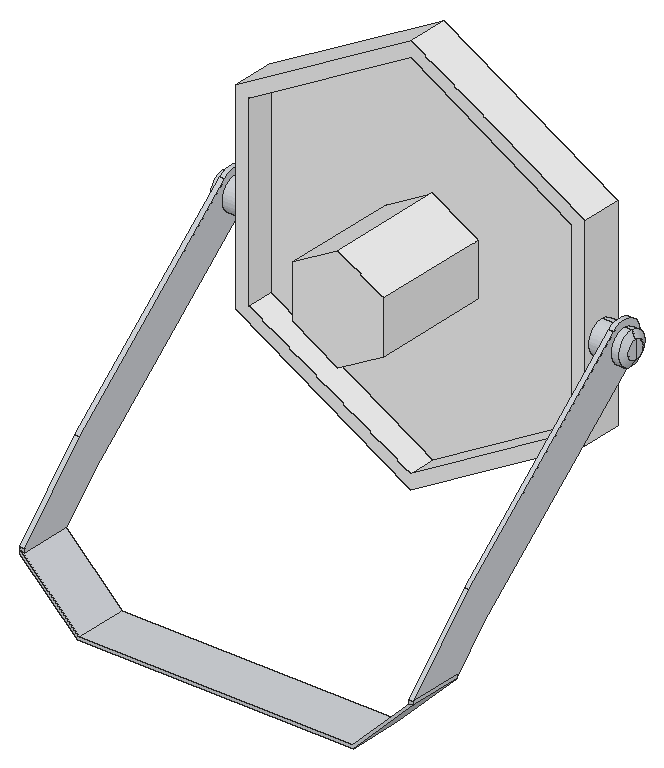
Revit family "Lighting-Proiezione-GEWISS-ESALITE-FL-PROIETTORI-LED_12K_DALI", category Apparecchi per illuminazione, host Superficie, Revit 2019
Family settings
  Host = Superficie
  Quota connettore circolare = Usa diametro
  Tipo di parte = Normale
  Taglio con vuoti quando caricato = No
  Sorgente d'illuminazione = Sì
  Condiviso = No
  Punto di calcolo locali = Sì
Parameters (values of type "GWS6423GD57K - ESALITE 12K 60° 5700K PRO+V GR.DALI")
  staffa = none
  Wattage = 9.2903 W
  Versioni = "Luce fredda 5700K"
  Versione file RFA = "20.11"
  Variazione temperatura colore lampada con luminosità attenuata = (empty or 0)
  VISIBILITA' SIMBOLO [instance] = yes
  VISIBILITA' LAMPADA PIANTA-LATERALE [instance] = not(VISIBILITA' SIMBOLO)  # no
  VISIBILITA' ETICHETTA [instance] = yes
  V = 0 V
  URL = "https://www.gewiss.com/it/it"
  Tipo alimentatore = "Driver Led Dali"
  Tensione = "220/240 V - 50/60 Hz"
  Temperatura di utilizzo = "-30 +50 °C"
  Temperatura di colore: = "5700 K (CRI>80)"
  built-in parameter 1150107 = 3200 (stored number, unit not read)
  Spostamento_y_effettivo_ET [instance] = 4000 mm - Spostamento_y_ET  # 2119.2 mm
  Spostamento_y_ET [instance] = 1880.8 mm
  Spostamento_X_effettivo_ET [instance] = 4000 mm - Spostamento_X_ET  # 3850.612 mm
  Spostamento_X_ET [instance] = 149.388 mm
  Schermo = "Vetro temprato"
  Scheda Tecnica = "https://www.gewiss.com/it/it/search?q=GWS6423GD57K"
  SEO = "Proiettore"
  Resistenza alle sovratensioni : = "8KV in modalità comune; 6KV in modalità differenziale"
  Resistenza agli urti = "IK08"
  Default Elevation = 1219.2 mm
  Produttore = "GEWISS S.p.A."
  Potenza di sitema = "Wxxx"
  Potenza di sistema = "112W"
  Peso (kg): = "9,5"
  built-in parameter 1150110 = 1 (stored number, unit not read)
  built-in parameter 1150109 = 1 (stored number, unit not read)
  built-in parameter 1114218 = 1 (stored number, unit not read)
  built-in parameter 1150112 = 1 (stored number, unit not read)
  Ottica = "60°"
  Numero poli = 1
  built-in parameter 1150142 = "IESNA:LM-63-2002\r\n[TEST] GWS6423GD57K\r\n[TESTLAB] GEWISS\r\n[TESTDATE] 31 Aug 2018\r\n[ISSUEDATE] 31 Aug 2018\r\n[MANUFAC] GEWISS\r\n[LUMCAT] GWS6423GD57K\r\n[LUMINAIRE] ESALITE FL 12K+GLAS 60° GR. DALI LED857\r\n[FLASHAREA] 0.030706\r\n[LAMPCAT] LED 112W/5700K - 11900lm\r\n[LAMP] LED 112W/5700K - 11900lm\r\nTILT=NONE\r\n1 11900.00 1.0 39 19 1 2 -0.402 -0.402 0.000\r\n1.00 1.00 112.00\r\n0.00 1.00 2.00 3.00 4.00 5.00 6.00 7.00 8.00 9.00 10.00 \r\n11.00 12.00 13.00 14.00 15.00 16.00 17.00 18.00 19.00 \r\n20.00 22.50 25.00 27.50 30.00 32.50 35.00 37.50 40.00 \r\n45.00 50.00 55.00 60.00 65.00 70.00 75.00 80.00 85.00 \r\n90.00 \r\n0.00 5.00 10.00 15.00 20.00 25.00 30.00 35.00 40.00 45.00 \r\n50.00 55.00 60.00 65.00 70.00 75.00 80.00 85.00 90.00 \r\n8596.44 8584.90 8553.84 8520.28 8519.09 8572.40 8686.64 \r\n8839.56 9004.25 9194.77 9393.03 9600.33 9798.46 10012.30 \r\n10224.72 10454.03 10698.93 10960.73 11261.33 11572.16 \r\n11840.14 11567.75 9133.25 5549.68 3583.45 2280.16 1374.33 \r\n1230.34 1192.62 1100.94 959.57 883.50 800.81 719.94 \r\n623.25 654.88 466.68 106.83 3.00 \r\n8596.44 8586.33 8555.51 8522.90 8519.81 8574.55 8689.74 \r\n8842.18 9007.35 9200.96 9401.36 9609.61 9806.79 10018.85 \r\n10232.10 10462.12 10710.24 10973.70 11274.42 11586.67 \r\n11855.02 11572.51 9115.76 5523.98 3572.50 2266.24 1364.57 \r\n1221.65 1182.68 1076.38 940.11 876.63 795.69 714.32 \r\n618.86 650.68 469.65 108.32 2.98 \r\n8596.44 8585.61 8555.98 8522.54 8521.35 8575.38 8689.26 \r\n8842.41 9010.20 9200.60 9403.86 9610.92 9809.05 10021.35 \r\n10235.43 10465.69 10713.33 10978.34 11278.11 11592.50 \r\n11863.94 11589.65 9136.46 5542.54 3579.52 2277.78 1366.83 \r\n1223.32 1184.99 1074.76 937.65 876.61 796.34 714.79 \r\n618.17 646.29 473.38 97.67 2.97 \r\n8596.44 8584.18 8556.22 8520.99 8519.09 8572.52 8684.50 \r\n8838.01 9005.33 9197.99 9399.69 9607.23 9804.41 10015.16 \r\n10228.65 10456.41 10705.00 10968.47 11268.47 11583.46 \r\n11856.68 11586.32 9129.08 5539.69 3583.68 2286.82 1373.02 \r\n1229.75 1192.86 1083.85 947.39 883.55 802.67 718.78 \r\n617.66 631.02 450.34 99.53 2.98 \r\n8596.44 8585.49 8557.17 8523.61 8522.18 8576.81 8689.98 \r\n8844.91 9012.82 9206.55 9409.81 9614.49 9811.43 10021.82 \r\n10234.83 10461.89 10709.64 10973.47 11273.23 11592.50 \r\n11870.61 11594.29 9116.95 5531.48 3583.92 2283.25 1366.60 \r\n1224.15 1192.02 1112.28 964.40 890.33 795.11 715.14 \r\n612.78 606.97 394.20 86.57 2.89 \r\n8596.44 8582.99 8553.84 8520.16 8517.07 8571.09 8682.36 \r\n8835.75 9005.21 9198.11 9400.05 9603.90 9800.60 10009.57 \r\n10221.86 10447.13 10693.82 10958.71 11261.21 11583.82 \r\n11864.54 11598.69 9125.16 5545.04 3594.51 2293.13 1374.93 \r\n1231.77 1202.38 1135.33 979.27 897.45 796.87 719.84 \r\n612.12 600.25 382.31 67.96 2.86 \r\n8596.44 8586.09 8556.34 8523.26 8520.04 8573.59 8686.64 \r\n8839.80 9009.85 9203.82 9405.52 9609.96 9806.55 10014.09 \r\n10223.65 10447.37 10694.41 10962.76 11265.97 11588.70 \r\n11870.84 11598.22 9112.43 5538.26 3588.45 2289.20 1371.12 \r\n1228.79 1198.45 1113.08 966.40 892.44 794.10 716.83 \r\n609.18 598.94 388.84 66.84 2.76 \r\n8596.44 8586.92 8558.48 8524.92 8521.23 8575.97 8690.33 \r\n8846.22 9016.99 9212.27 9413.26 9618.77 9813.93 10019.44 \r\n10228.88 10451.29 10699.77 10966.33 11272.99 11596.43 \r\n11878.70 11605.95 9111.83 5541.59 3592.97 2287.42 1370.52 \r\n1229.98 1202.61 1137.40 981.07 895.61 794.99 719.40 \r\n611.41 602.47 388.33 67.20 2.71 \r\n8596.44 8586.09 8555.74 8522.07 8517.54 8573.12 8688.90 \r\n8844.08 9018.77 9212.74 9415.88 9622.22 9816.19 10019.32 \r\n10226.27 10447.49 10695.13 10964.78 11270.13 11597.38 \r\n11884.65 11614.40 9118.49 5548.38 3600.46 2284.20 1366.24 \r\n1226.30 1197.38 1118.22 969.27 891.66 794.77 717.49 \r\n615.42 610.18 403.49 82.20 2.57 \r\n8596.44 8588.83 8558.60 8525.16 8520.76 8575.85 8690.81 \r\n8850.15 9025.56 9220.24 9424.56 9628.89 9821.55 10023.85 \r\n10228.17 10446.65 10694.17 10962.28 11267.75 11593.22 \r\n11878.94 11606.07 9100.29 5533.02 3599.87 2281.71 1362.31 \r\n1223.44 1189.80 1079.54 942.86 875.58 794.34 715.29 \r\n618.37 634.17 444.13 98.32 2.43 \r\n8596.44 8588.71 8560.15 8524.45 8521.11 8576.21 8694.38 \r\n8854.67 9031.15 9230.47 9437.53 9641.38 9834.87 10036.22 \r\n10239.36 10458.20 10706.79 10974.30 11281.32 11609.28 \r\n11895.60 11620.83 9105.17 5535.17 3612.72 2289.80 1368.86 \r\n1230.10 1195.24 1081.04 943.98 878.41 795.44 717.02 \r\n624.32 653.56 473.91 94.84 2.30 \r\n8596.44 8588.71 8557.05 8522.66 8518.26 8574.07 8692.24 \r\n8853.72 9031.98 9234.28 9440.98 9644.47 9838.92 10040.39 \r\n10243.88 10460.34 10707.98 10974.42 11280.96 11608.93 \r\n11895.84 11623.21 9110.76 5542.90 3620.22 2292.18 1368.14 \r\n1229.98 1195.36 1083.36 946.75 879.34 794.94 716.19 \r\n624.19 655.64 469.10 104.90 2.12 \r\n8596.44 8587.40 8557.05 8522.07 8516.12 8571.57 8690.21 \r\n8852.77 9032.93 9234.28 9442.17 9645.66 9839.40 10038.96 \r\n10241.74 10456.05 10700.84 10966.80 11274.18 11605.48 \r\n11894.88 11603.57 9084.10 5520.53 3618.43 2284.20 1363.38 \r\n1226.41 1194.16 1099.88 957.64 876.74 791.79 715.15 \r\n623.82 658.20 460.26 102.68 1.92 \r\n8596.44 8587.52 8558.36 8523.49 8517.78 8576.69 8695.81 \r\n8858.12 9040.55 9242.85 9451.10 9656.61 9849.99 10049.79 \r\n10252.80 10470.69 10715.12 10981.56 11291.20 11626.06 \r\n11917.85 11614.04 9093.98 5526.12 3628.31 2283.49 1361.36 \r\n1225.22 1191.19 1081.48 942.99 873.56 791.49 713.37 \r\n622.82 653.64 469.07 103.88 1.73 \r\n8596.44 8587.52 8557.89 8521.71 8517.31 8574.19 8691.88 \r\n8857.88 9039.36 9242.73 9453.24 9659.11 9852.13 10052.29 \r\n10253.04 10468.67 10712.74 10978.11 11289.29 11623.68 \r\n11917.85 11616.18 9096.00 5522.31 3631.64 2277.78 1353.86 \r\n1219.51 1185.05 1078.00 938.84 871.69 791.10 712.83 \r\n621.51 649.55 476.86 94.48 1.52 \r\n8596.44 8586.09 8557.05 8519.57 8515.05 8571.93 8692.12 \r\n8858.95 9041.14 9246.06 9455.38 9664.11 9857.96 10060.26 \r\n10261.85 10480.21 10724.52 10988.22 11304.88 11642.84 \r\n11936.89 11634.75 9117.07 5538.38 3649.02 2285.28 1351.48 \r\n1217.25 1181.93 1081.26 941.58 872.37 791.78 713.39 \r\n615.88 630.56 445.02 98.43 1.32 \r\n8596.44 8588.11 8557.77 8518.50 8515.28 8572.88 8692.95 \r\n8858.84 9042.10 9245.94 9454.31 9661.97 9854.27 10054.19 \r\n10254.83 10474.86 10721.90 10988.46 11302.62 11636.77 \r\n11927.37 11611.90 9096.48 5523.62 3652.35 2281.35 1345.06 \r\n1214.04 1184.04 1119.22 963.36 886.59 789.23 716.12 \r\n612.50 603.84 418.36 81.90 1.16 \r\n8596.44 8590.02 8559.55 8520.64 8518.02 8576.21 8694.14 \r\n8862.52 9045.07 9251.77 9459.67 9668.27 9859.39 10059.55 \r\n10261.73 10481.28 10726.78 10995.01 11308.57 11645.46 \r\n11935.70 11623.56 9108.62 5529.69 3658.06 2284.20 1346.72 \r\n1216.66 1188.70 1140.06 978.16 892.36 788.91 718.82 \r\n612.92 598.20 405.53 67.62 1.05 \r\n8596.44 8588.59 8558.48 8517.90 8515.16 8571.33 8691.64 \r\n8859.19 9043.76 9249.39 9457.64 9665.89 9855.70 10056.09 \r\n10257.80 10477.83 10724.04 10989.89 11304.17 11642.01 \r\n11933.32 11623.80 9126.59 5545.04 3665.44 2289.32 1352.67 \r\n1222.25 1193.57 1118.06 971.75 892.52 793.14 719.41 \r\n610.08 591.55 377.91 68.45 1.02 \r\n"
  Modello = "GWS6423GD57K"
  built-in parameter 1150137 = (empty or 0)
  built-in parameter 1150132 = (empty or 0)
  Lumen output (lm) = "11900"
  Life time L90B10 (Tq 50Â°C) = "61000H"
  Life time L90B10 (Tq 25Â°C) = "100000H"
  Lampada: = "LED - Non sostituibile"
  built-in parameter 1150105 = 109.82 (stored number, unit not read)
  built-in parameter 1150102 = (empty or 0)
  Type Image = ESALITE_FL.jpg
  built-in parameter 1150106 = 1.0982 (stored number, unit not read)
  IFC.TypeObject = ""
  IFC.ExportType = ""
  IFC.ExportAs = ""
  IDT = "72afa88b942d42eeaee12b3424212cd3"
  IDF = "e13220cc-8358-47d6-aa53-566768812b77"
  Grado di protezione = "IP66"
  Garanzia = "5 anni"
  Flusso nominale (lm) = "15000"
  Lumens = 1380 lm
  Color Filter = 16777215
  File diagramma fotometrico = "GWS6423GD57K.IES"
  built-in parameter 1114217 = 1 (stored number, unit not read)
  built-in parameter 1150139 = (empty or 0)
  Emetti da lunghezza linea = 20 mm
  built-in parameter 1150104 = 13.8 (stored number, unit not read)
  built-in parameter 1150115 = 1 (stored number, unit not read)
  built-in parameter 1150114 = 1 (stored number, unit not read)
  built-in parameter 1150113 = 1 (stored number, unit not read)
  Descrizione = "ESALITE 12K 60° 5700K PRO+V GR.DALI"
  Creato da GEWISS S.p.A. = ""
  Corrente di pilotaggio. = "0,7A"
  built-in parameter 1150134 = 3
  built-in parameter 1150138 = (empty or 0)
  Colore = "Grigio RAL 9006"
  Codice Electrocod = "2444"
  Classe isolamento = "I"
  Classe di efficienza LED integrati = "A ÷ A++"
  Catalogo Serie = "ESALITE FL - 12K"
  Catalogo = "LIGHTING"
  COBie.Tagnumber = ""
  COBie.CreatedOn = ""
  COBie.CreatebBy = ""
  COBie.ComponentRegisterItemID = ""
  COBie.Component.TagNumber = ""
  COBie.Component.Space = ""
  COBie.Component.SerialNumber = ""
  COBie.Component.InstallationDate = ""
  COBie.Component.Description = ""
  COBie.Component.BarCode = ""
  Applicazione = "Interno / Esterno"
  Tilt Angle = -90.00°
  built-in parameter 1150133 = 10 (stored number, unit not read)
Reference planes
  plane 1 "Centro (Fronte/Retro)": y = 0
  plane 2: z = 0
  plane 3 "Centro (Sinistra/Destra)": x = 0
  plane 4: z = 123
  plane 5: x = 0
  plane 6: x = -3850.612
  plane 7: y = -2119.2
  plane 8: y = 0
  plane 9: through (-1779.2, -702.001, 1219.2) normal (0.4695, 0.8829, 0)
  plane 10: through (203.705, -1575.119, 1219.2) normal (-0.866, 0.5, 0)
  plane 11: x = -235.613
  plane 12: x = 230.804
  plane 13: y = 188.046
  plane 14: y = -188.046
  plane 15: x = -287.654
  plane 16: z = 285.229
Forms (mm)
  Extrusion 1, solid, material <- "staffa"
    sketch origin (80, 0, 0) x (0, 1, 0) y (0, 0, -1)
      loop
        arc (165.701, -304.396) -> (196.85, -301.627) -> (194.11, -270.474) r 22.123
        line (194.11, -270.474) -> (-9.063, -99.991) -> (-47.067, -61.307) -> (-104.022, -61.307) -> (-104.022, -64.763) -> (-29.601, -140.518) -> (165.701, -304.396)
    from 287.654 to 292.463
  Revolve 2, solid, material <- "staffa"
    sketch origin (80, 179.315, 13.188) x (1, 0, 0) y (0, 0, 1)
      loop
        line (-304.219, 272.041) -> (-304.219, 262.041) -> (-299.896, 254.554) -> (-266.552, 254.554) -> (-266.552, 272.041) -> (-304.219, 272.041)
      axis (-304.219, 272.041) -> (-266.552, 272.041)
    angle from 0 to 360
  Revolve 3, solid, material <- "staffa"
    sketch origin (-78.734, 179.315, 13.188) x (-1, 0, 0) y (0, 0, -1)
      loop
        line (-304.219, -272.041) -> (-266.552, -272.041) -> (-266.552, -254.554) -> (-299.896, -254.554) -> (-304.219, -262.041) -> (-304.219, -272.041)
      axis (-304.219, -272.041) -> (-266.552, -272.041)
    angle from 0 to 360
  Extrusion 4, solid, material <- "staffa"
    sketch origin (-80, 0, 0) x (0, 1, 0) y (0, 0, 1)
      loop
        line (165.701, 304.396) -> (-29.601, 140.518) -> (-104.022, 64.763) -> (-104.022, 61.307) -> (-47.067, 61.307) -> (-9.063, 99.991) -> (194.11, 270.474)
        arc (194.11, 270.474) -> (196.85, 301.627) -> (165.701, 304.396) r 22.123
    from 287.654 to 292.463
  Extrusion 5, solid
    sketch origin (0, 0, 0) x (1, 0, 0) y (0, 0, 1)
      loop
        line (-150.553, -3) -> (148.156, -3) -> (212.463, 61.307) -> (212.463, 65.549) -> (146.914, 0) -> (-149.311, 0) -> (-212.463, 63.152) -> (-212.463, 58.91) -> (-150.553, -3)
    from 45.983 to 104.022
Lines and regions (mm)
  symbolic lines, visible <- "VISIBILITA' LAMPADA PIANTA-LATERALE"
    curve 1: line (1.859, 0, 405.824) -> (75.258, 0, 363.447)
    curve 2: arc (75.258, 0, 363.447) -> (77.755, 0, 362.778) -> (80.252, 0, 363.447) r 4.994
    curve 3: line (80.252, 0, 363.447) -> (146.454, 0, 401.669)
    curve 4: arc (146.454, 0, 401.669) -> (150.173, 0, 408.157) -> (146.427, 0, 414.629) r 7.492
    curve 5: line (146.427, 0, 414.629) -> (10.581, 0, 493.06)
    curve 6: arc (10.581, 0, 493.06) -> (3.09, 0, 493.06) -> (-0.656, 0, 486.572) r 7.492
    curve 7: line (-0.656, 0, 486.572) -> (-0.656, 0, 410.16)
    curve 8: arc (-0.656, 0, 410.16) -> (0.018, 0, 407.654) -> (1.859, 0, 405.824) r 4.994
    curve 9: line (-6.167, 0, 405.824) -> (-79.566, 0, 363.447)
    curve 10: arc (-79.566, 0, 363.447) -> (-82.063, 0, 362.778) -> (-84.561, 0, 363.447) r 4.994
    curve 11: line (-84.561, 0, 363.447) -> (-150.762, 0, 401.669)
    curve 12: arc (-150.762, 0, 401.669) -> (-154.481, 0, 408.157) -> (-150.735, 0, 414.629) r 7.492
    curve 13: line (-150.735, 0, 414.629) -> (-14.89, 0, 493.06)
    curve 14: arc (-14.89, 0, 493.06) -> (-7.398, 0, 493.06) -> (-3.652, 0, 486.572) r 7.492
    curve 15: line (-3.652, 0, 486.572) -> (-3.652, 0, 410.16)
    curve 16: arc (-3.652, 0, 410.16) -> (-4.327, 0, 407.654) -> (-6.167, 0, 405.824) r 4.994
    curve 17: line (-83.562, 0, 271.753) -> (-83.562, 0, 356.527)
    curve 18: arc (-83.562, 0, 356.527) -> (-84.226, 0, 359.015) -> (-86.041, 0, 360.842) r 4.994
    curve 19: line (-86.041, 0, 360.842) -> (-152.207, 0, 399.043)
    curve 20: arc (-152.207, 0, 399.043) -> (-159.712, 0, 399.066) -> (-163.471, 0, 392.571) r 7.491
    curve 21: line (-163.471, 0, 392.571) -> (-163.471, 0, 235.709)
    curve 22: arc (-163.471, 0, 235.709) -> (-159.712, 0, 229.214) -> (-152.207, 0, 229.237) r 7.491
    curve 23: line (-152.207, 0, 229.237) -> (-86.041, 0, 267.438)
    curve 24: arc (-86.041, 0, 267.438) -> (-84.226, 0, 269.265) -> (-83.562, 0, 271.753) r 4.994
    curve 25: line (-79.566, 0, 264.833) -> (-6.132, 0, 222.435)
    curve 26: arc (-6.132, 0, 222.435) -> (-4.316, 0, 220.608) -> (-3.652, 0, 218.12) r 4.994
    curve 27: line (-3.652, 0, 218.12) -> (-3.652, 0, 141.708)
    curve 28: arc (-3.652, 0, 141.708) -> (-7.398, 0, 135.22) -> (-14.89, 0, 135.22) r 7.492
    curve 29: line (-14.89, 0, 135.22) -> (-150.735, 0, 213.651)
    curve 30: arc (-150.735, 0, 213.651) -> (-154.481, 0, 220.154) -> (-150.709, 0, 226.642) r 7.492
    curve 31: line (-150.709, 0, 226.642) -> (-84.561, 0, 264.833)
    curve 32: arc (-84.561, 0, 264.833) -> (-82.063, 0, 265.502) -> (-79.566, 0, 264.833) r 4.994
    curve 33: line (77.169, 0, 264.833) -> (3.735, 0, 222.435)
    curve 34: arc (3.735, 0, 222.435) -> (1.919, 0, 220.608) -> (1.255, 0, 218.12) r 4.994
    curve 35: line (1.255, 0, 218.12) -> (1.255, 0, 141.708)
    curve 36: arc (1.255, 0, 141.708) -> (5.001, 0, 135.22) -> (12.493, 0, 135.22) r 7.492
    curve 37: line (12.493, 0, 135.22) -> (148.338, 0, 213.651)
    curve 38: arc (148.338, 0, 213.651) -> (152.084, 0, 220.154) -> (148.312, 0, 226.642) r 7.492
    curve 39: line (148.312, 0, 226.642) -> (82.163, 0, 264.833)
    curve 40: arc (82.163, 0, 264.833) -> (79.666, 0, 265.502) -> (77.169, 0, 264.833) r 4.994
    curve 41: line (79.254, 0, 271.753) -> (79.254, 0, 356.527)
    curve 42: arc (79.254, 0, 356.527) -> (79.917, 0, 359.015) -> (81.733, 0, 360.842) r 4.994
    curve 43: line (81.733, 0, 360.842) -> (147.899, 0, 399.043)
    curve 44: arc (147.899, 0, 399.043) -> (155.404, 0, 399.066) -> (159.163, 0, 392.571) r 7.491
    curve 45: line (159.163, 0, 392.571) -> (159.163, 0, 235.709)
    curve 46: arc (159.163, 0, 235.709) -> (155.404, 0, 229.214) -> (147.899, 0, 229.237) r 7.491
    curve 47: line (147.899, 0, 229.237) -> (81.733, 0, 267.438)
    curve 48: arc (81.733, 0, 267.438) -> (79.917, 0, 269.265) -> (79.254, 0, 271.753) r 4.994
    curve 49: line (-3.412, 0, 514.681) -> (-175.208, 0, 415.494)
    curve 50: arc (-175.208, 0, 415.494) -> (-176.122, 0, 414.58) -> (-176.456, 0, 413.332) r 2.497
    curve 51: line (-176.456, 0, 413.332) -> (-176.456, 0, 214.948)
    curve 52: arc (-176.456, 0, 214.948) -> (-176.122, 0, 213.7) -> (-175.208, 0, 212.786) r 2.497
    curve 53: line (-175.208, 0, 212.786) -> (-3.412, 0, 113.599)
    curve 54: arc (-3.412, 0, 113.599) -> (-2.154, 0, 113.259) -> (-0.897, 0, 113.599) r 2.497
    curve 55: line (-0.897, 0, 113.599) -> (170.899, 0, 212.786)
    curve 56: arc (170.899, 0, 212.786) -> (171.814, 0, 213.7) -> (172.148, 0, 214.948) r 2.497
    curve 57: line (172.148, 0, 214.948) -> (172.148, 0, 413.332)
    curve 58: arc (172.148, 0, 413.332) -> (171.814, 0, 414.58) -> (170.899, 0, 415.494) r 2.497
    curve 59: line (170.899, 0, 415.494) -> (-0.897, 0, 514.681)
    curve 60: arc (-0.897, 0, 514.681) -> (-2.154, 0, 515.02) -> (-3.412, 0, 514.681) r 2.497
    curve 61: line (-2.654, 0, 530.769) -> (-189.52, 0, 422.882)
    curve 62: arc (-189.52, 0, 422.882) -> (-189.879, 0, 422.517) -> (-190.01, 0, 422.022) r 0.999
    curve 63: line (-190.01, 0, 422.022) -> (-190.01, 0, 206.258)
    curve 64: arc (-190.01, 0, 206.258) -> (-189.879, 0, 205.763) -> (-189.52, 0, 205.398) r 0.999
    curve 65: line (-189.52, 0, 205.398) -> (-2.654, 0, 97.51)
    curve 66: arc (-2.654, 0, 97.51) -> (-2.154, 0, 97.377) -> (-1.655, 0, 97.51) r 0.999
    curve 67: line (-1.655, 0, 97.51) -> (185.212, 0, 205.398)
    curve 68: arc (185.212, 0, 205.398) -> (185.571, 0, 205.763) -> (185.702, 0, 206.258) r 0.999
    curve 69: line (185.702, 0, 206.258) -> (185.702, 0, 422.022)
    curve 70: arc (185.702, 0, 422.022) -> (185.566, 0, 422.526) -> (185.194, 0, 422.892) r 0.999
    curve 71: line (185.194, 0, 422.892) -> (-1.655, 0, 530.769)
    curve 72: arc (-1.655, 0, 530.769) -> (-2.154, 0, 530.903) -> (-2.654, 0, 530.769) r 0.999
    curve 73: line (-191.939, 0, 278.93) -> (-214.413, 0, 278.93)
    curve 74: line (-214.413, 0, 278.93) -> (-214.413, 0, 314.39)
    curve 75: line (-214.413, 0, 314.39) -> (-191.939, 0, 314.39)
    curve 76: line (-191.939, 0, 314.39) -> (-191.939, 0, 278.93)
    curve 77: line (215.013, 0, 278.93) -> (222.733, 0, 278.93)
    curve 78: line (222.733, 0, 278.93) -> (226.799, 0, 285.972)
    curve 79: line (226.799, 0, 285.972) -> (226.799, 0, 307.336)
    curve 80: line (226.799, 0, 307.336) -> (222.583, 0, 314.639)
    curve 81: line (222.583, 0, 314.639) -> (215.013, 0, 314.639)
    curve 82: line (215.013, 0, 314.639) -> (215.013, 0, 63.856)
    curve 83: line (215.013, 0, 63.856) -> (148.156, 0, -3)
    curve 84: line (148.156, 0, -3) -> (-150.553, 0, -3)
    curve 85: line (-150.553, 0, -3) -> (-217.41, 0, 63.856)
    curve 86: line (-217.41, 0, 63.856) -> (-217.41, 0, 314.639)
    curve 87: line (-217.41, 0, 314.639) -> (-224.98, 0, 314.639)
    curve 88: line (-224.98, 0, 314.639) -> (-229.196, 0, 307.336)
    curve 89: line (-229.196, 0, 307.336) -> (-229.196, 0, 285.972)
    curve 90: line (-229.196, 0, 285.972) -> (-225.131, 0, 278.93)
    curve 91: line (-225.131, 0, 278.93) -> (-217.41, 0, 278.93)
    curve 92: line (-214.41, 0, 314.639) -> (-214.41, 0, 65.099)
    curve 93: line (-214.41, 0, 65.099) -> (-149.311, 0, 0)
    curve 94: line (-149.311, 0, 0) -> (146.914, 0, 0)
    curve 95: line (146.914, 0, 0) -> (212.013, 0, 65.099)
    curve 96: line (212.013, 0, 65.099) -> (212.013, 0, 314.639)
    curve 97: line (189.541, 0, 278.93) -> (212.016, 0, 278.93)
    curve 98: line (212.016, 0, 278.93) -> (212.016, 0, 314.39)
    curve 99: line (212.016, 0, 314.39) -> (189.541, 0, 314.39)
    curve 100: line (189.541, 0, 314.39) -> (189.541, 0, 278.93)
  symbolic lines, visible <- "VISIBILITA' LAMPADA PIANTA-LATERALE", not visible
    curve 101: line (1041.859, 0, 531.824) -> (1115.258, 0, 489.447)
    curve 102: arc (1115.258, 0, 489.447) -> (1117.755, 0, 488.778) -> (1120.252, 0, 489.447) r 4.994
    curve 103: line (1120.252, 0, 489.447) -> (1186.454, 0, 527.669)
    curve 104: arc (1186.454, 0, 527.669) -> (1190.173, 0, 534.157) -> (1186.427, 0, 540.629) r 7.492
    curve 105: line (1186.427, 0, 540.629) -> (1050.581, 0, 619.06)
    curve 106: arc (1050.581, 0, 619.06) -> (1043.09, 0, 619.06) -> (1039.344, 0, 612.572) r 7.492
    curve 107: line (1039.344, 0, 612.572) -> (1039.344, 0, 536.16)
    curve 108: arc (1039.344, 0, 536.16) -> (1040.018, 0, 533.654) -> (1041.859, 0, 531.824) r 4.994
    curve 109: line (1033.833, 0, 531.824) -> (960.434, 0, 489.447)
    curve 110: arc (960.434, 0, 489.447) -> (957.937, 0, 488.778) -> (955.439, 0, 489.447) r 4.994
    curve 111: line (955.439, 0, 489.447) -> (889.238, 0, 527.669)
    curve 112: arc (889.238, 0, 527.669) -> (885.519, 0, 534.157) -> (889.265, 0, 540.629) r 7.492
    curve 113: line (889.265, 0, 540.629) -> (1025.11, 0, 619.06)
    curve 114: arc (1025.11, 0, 619.06) -> (1032.602, 0, 619.06) -> (1036.348, 0, 612.572) r 7.492
    curve 115: line (1036.348, 0, 612.572) -> (1036.348, 0, 536.16)
    curve 116: arc (1036.348, 0, 536.16) -> (1035.673, 0, 533.654) -> (1033.833, 0, 531.824) r 4.994
    curve 117: line (956.438, 0, 397.753) -> (956.438, 0, 482.527)
    curve 118: arc (956.438, 0, 482.527) -> (955.774, 0, 485.015) -> (953.959, 0, 486.842) r 4.994
    curve 119: line (953.959, 0, 486.842) -> (887.793, 0, 525.043)
    curve 120: arc (887.793, 0, 525.043) -> (880.288, 0, 525.066) -> (876.529, 0, 518.571) r 7.491
    curve 121: line (876.529, 0, 518.571) -> (876.529, 0, 361.709)
    curve 122: arc (876.529, 0, 361.709) -> (880.288, 0, 355.214) -> (887.793, 0, 355.237) r 7.491
    curve 123: line (887.793, 0, 355.237) -> (953.959, 0, 393.438)
    curve 124: arc (953.959, 0, 393.438) -> (955.774, 0, 395.265) -> (956.438, 0, 397.753) r 4.994
    curve 125: line (960.434, 0, 390.833) -> (1033.868, 0, 348.435)
    curve 126: arc (1033.868, 0, 348.435) -> (1035.684, 0, 346.608) -> (1036.348, 0, 344.12) r 4.994
    curve 127: line (1036.348, 0, 344.12) -> (1036.348, 0, 267.708)
    curve 128: arc (1036.348, 0, 267.708) -> (1032.602, 0, 261.22) -> (1025.11, 0, 261.22) r 7.492
    curve 129: line (1025.11, 0, 261.22) -> (889.265, 0, 339.651)
    curve 130: arc (889.265, 0, 339.651) -> (885.519, 0, 346.154) -> (889.291, 0, 352.642) r 7.492
    curve 131: line (889.291, 0, 352.642) -> (955.439, 0, 390.833)
    curve 132: arc (955.439, 0, 390.833) -> (957.937, 0, 391.502) -> (960.434, 0, 390.833) r 4.994
    curve 133: line (1117.169, 0, 390.833) -> (1043.735, 0, 348.435)
    curve 134: arc (1043.735, 0, 348.435) -> (1041.919, 0, 346.608) -> (1041.255, 0, 344.12) r 4.994
    curve 135: line (1041.255, 0, 344.12) -> (1041.255, 0, 267.708)
    curve 136: arc (1041.255, 0, 267.708) -> (1045.001, 0, 261.22) -> (1052.493, 0, 261.22) r 7.492
    curve 137: line (1052.493, 0, 261.22) -> (1188.338, 0, 339.651)
    curve 138: arc (1188.338, 0, 339.651) -> (1192.084, 0, 346.154) -> (1188.312, 0, 352.642) r 7.492
    curve 139: line (1188.312, 0, 352.642) -> (1122.163, 0, 390.833)
    curve 140: arc (1122.163, 0, 390.833) -> (1119.666, 0, 391.502) -> (1117.169, 0, 390.833) r 4.994
    curve 141: line (1119.254, 0, 397.753) -> (1119.254, 0, 482.527)
    curve 142: arc (1119.254, 0, 482.527) -> (1119.917, 0, 485.015) -> (1121.733, 0, 486.842) r 4.994
    curve 143: line (1121.733, 0, 486.842) -> (1187.899, 0, 525.043)
    curve 144: arc (1187.899, 0, 525.043) -> (1195.404, 0, 525.066) -> (1199.163, 0, 518.571) r 7.491
    curve 145: line (1199.163, 0, 518.571) -> (1199.163, 0, 361.709)
    curve 146: arc (1199.163, 0, 361.709) -> (1195.404, 0, 355.214) -> (1187.899, 0, 355.237) r 7.491
    curve 147: line (1187.899, 0, 355.237) -> (1121.733, 0, 393.438)
    curve 148: arc (1121.733, 0, 393.438) -> (1119.917, 0, 395.265) -> (1119.254, 0, 397.753) r 4.994
    curve 149: line (1036.588, 0, 640.681) -> (864.792, 0, 541.494)
    curve 150: arc (864.792, 0, 541.494) -> (863.878, 0, 540.58) -> (863.544, 0, 539.332) r 2.497
    curve 151: line (863.544, 0, 539.332) -> (863.544, 0, 340.948)
    curve 152: arc (863.544, 0, 340.948) -> (863.878, 0, 339.7) -> (864.792, 0, 338.786) r 2.497
    curve 153: line (864.792, 0, 338.786) -> (1036.588, 0, 239.599)
    curve 154: arc (1036.588, 0, 239.599) -> (1037.846, 0, 239.259) -> (1039.103, 0, 239.599) r 2.497
    curve 155: line (1039.103, 0, 239.599) -> (1210.899, 0, 338.786)
    curve 156: arc (1210.899, 0, 338.786) -> (1211.814, 0, 339.7) -> (1212.148, 0, 340.948) r 2.497
    curve 157: line (1212.148, 0, 340.948) -> (1212.148, 0, 539.332)
    curve 158: arc (1212.148, 0, 539.332) -> (1211.814, 0, 540.58) -> (1210.899, 0, 541.494) r 2.497
    curve 159: line (1210.899, 0, 541.494) -> (1039.103, 0, 640.681)
    curve 160: arc (1039.103, 0, 640.681) -> (1037.846, 0, 641.02) -> (1036.588, 0, 640.681) r 2.497
    curve 161: line (1037.346, 0, 656.769) -> (850.48, 0, 548.882)
    curve 162: arc (850.48, 0, 548.882) -> (850.121, 0, 548.517) -> (849.99, 0, 548.022) r 0.999
    curve 163: line (849.99, 0, 548.022) -> (849.99, 0, 332.258)
    curve 164: arc (849.99, 0, 332.258) -> (850.121, 0, 331.763) -> (850.48, 0, 331.398) r 0.999
    curve 165: line (850.48, 0, 331.398) -> (1037.346, 0, 223.51)
    curve 166: arc (1037.346, 0, 223.51) -> (1037.846, 0, 223.377) -> (1038.345, 0, 223.51) r 0.999
    curve 167: line (1038.345, 0, 223.51) -> (1225.212, 0, 331.398)
    curve 168: arc (1225.212, 0, 331.398) -> (1225.571, 0, 331.763) -> (1225.702, 0, 332.258) r 0.999
    curve 169: line (1225.702, 0, 332.258) -> (1225.702, 0, 548.022)
    curve 170: arc (1225.702, 0, 548.022) -> (1225.566, 0, 548.526) -> (1225.194, 0, 548.892) r 0.999
    curve 171: line (1225.194, 0, 548.892) -> (1038.345, 0, 656.769)
    curve 172: arc (1038.345, 0, 656.769) -> (1037.846, 0, 656.903) -> (1037.346, 0, 656.769) r 0.999
    curve 173: line (848.061, 0, 404.93) -> (825.587, 0, 404.93)
    curve 174: line (825.587, 0, 404.93) -> (825.587, 0, 440.39)
    curve 175: line (825.587, 0, 440.39) -> (848.061, 0, 440.39)
    curve 176: line (848.061, 0, 440.39) -> (848.061, 0, 404.93)
    curve 177: line (1255.013, 0, 404.93) -> (1262.733, 0, 404.93)
    curve 178: line (1262.733, 0, 404.93) -> (1266.799, 0, 411.972)
    curve 179: line (1266.799, 0, 411.972) -> (1266.799, 0, 433.336)
    curve 180: line (1266.799, 0, 433.336) -> (1262.583, 0, 440.639)
    curve 181: line (1262.583, 0, 440.639) -> (1255.013, 0, 440.639)
    curve 182: line (1255.013, 0, 440.639) -> (1255.013, 0, 189.856)
    curve 183: line (1255.013, 0, 189.856) -> (1188.156, 0, 123)
    curve 184: line (1188.156, 0, 123) -> (889.447, 0, 123)
    curve 185: line (889.447, 0, 123) -> (822.59, 0, 189.856)
    curve 186: line (822.59, 0, 189.856) -> (822.59, 0, 440.639)
    curve 187: line (822.59, 0, 440.639) -> (815.02, 0, 440.639)
    curve 188: line (815.02, 0, 440.639) -> (810.804, 0, 433.336)
    curve 189: line (810.804, 0, 433.336) -> (810.804, 0, 411.972)
    curve 190: line (810.804, 0, 411.972) -> (814.869, 0, 404.93)
    curve 191: line (814.869, 0, 404.93) -> (822.59, 0, 404.93)
    curve 192: line (825.59, 0, 440.639) -> (825.59, 0, 191.099)
    curve 193: line (825.59, 0, 191.099) -> (890.689, 0, 126)
    curve 194: line (890.689, 0, 126) -> (1186.914, 0, 126)
    curve 195: line (1186.914, 0, 126) -> (1252.013, 0, 191.099)
    curve 196: line (1252.013, 0, 191.099) -> (1252.013, 0, 440.639)
    curve 197: line (1229.541, 0, 404.93) -> (1252.016, 0, 404.93)
    curve 198: line (1252.016, 0, 404.93) -> (1252.016, 0, 440.39)
    curve 199: line (1252.016, 0, 440.39) -> (1229.541, 0, 440.39)
    curve 200: line (1229.541, 0, 440.39) -> (1229.541, 0, 404.93)
Text (mm)
  text "B-A=C" at (-2005.323, -1167.131, 0), in view "Livello rif."
  text "D+A-C=B" at (1746.792, 582.509, 0), in view "Livello rif."
Dimensions and locks
  "Spostamento_X_effettivo_ET": plane 6 to plane 5
  plane 6 to plane 3 "Centro (Sinistra/Destra)" = 3850.612 mm
  "Spostamento_y_effettivo_ET": plane 8 to plane 7
  plane 1 "Centro (Fronte/Retro)" to plane 7 = 2119.2 mm
  plane 11 to plane 12 = 466.417 mm
  plane 13 to plane 14 = 376.092 mm
  plane 12 to plane 5 to plane 11 = 230.804 mm, 235.613 mm
  angle plane 9 to plane 7 = 28.00°
  angle plane 7 to plane 6 = 90.00°
  aligned and locked: plane 2 to host face
  aligned and locked: level to host face
  aligned and locked: plane 3 "Centro (Sinistra/Destra)" to imposter light
  aligned and locked: plane 5 to nested 1
  aligned and locked: nested 1 to plane 8
  aligned and locked: nested 2 to plane 3 "Centro (Sinistra/Destra)"
  aligned and locked: curve 94 to level
  aligned and locked: plane 16 to nested 5
  aligned and locked: plane 8 to nested 5
  aligned and locked: nested 6 to plane 2
  aligned and locked: nested 6 to nested 2
Automatic sketch dimensions
  host sketch curve to host sketch curve = 2438.4 mm  (x2)
  plane 1 "Centro (Fronte/Retro)" to Extrusion 1 sketch curve = 29.601 mm
  plane 1 "Centro (Fronte/Retro)" to Extrusion 1 sketch curve = 9.063 mm
  Extrusion 1 sketch curve to plane 13 = 22.346 mm
  Extrusion 1 sketch curve to plane 16 = 2.193 mm
  Extrusion 1 sketch curve to plane 13 = 8.156 mm
  Extrusion 1 sketch curve to plane 16 = 19.167 mm
  Extrusion 1 sketch curve to plane 4 = 17.518 mm
  plane 4 to Extrusion 1 sketch curve = 23.009 mm
  plane 13 to Extrusion 1 sketch curve = 6.064 mm
  Extrusion 1 sketch curve to Extrusion 1 sketch curve = 0 mm  (x2)
  Revolve 2 sketch curve to plane 16 = 0 mm  (x2)
  plane 11 to Revolve 2 sketch curve = 11.394 mm
  Revolve 2 sketch curve to Revolve 2 sketch curve = 4.323 mm
  Revolve 2 sketch curve to Revolve 2 sketch curve = 33.345 mm
  plane 16 to Revolve 2 sketch curve = 10 mm
  plane 16 to Revolve 2 sketch curve = 17.487 mm
  Revolve 2 sketch curve to Revolve 2 sketch curve = 0 mm  (x2)
  Revolve 3 sketch curve to plane 16 = 0 mm  (x2)
  Revolve 3 sketch curve to plane 12 = 5.319 mm
  Revolve 3 sketch curve to Revolve 3 sketch curve = 4.323 mm
  Revolve 3 sketch curve to Revolve 3 sketch curve = 33.345 mm
  plane 16 to Revolve 3 sketch curve = 10 mm
  Revolve 3 sketch curve to Revolve 3 sketch curve = 7.487 mm
  Revolve 3 sketch curve to Revolve 3 sketch curve = 0 mm  (x2)
  plane 1 "Centro (Fronte/Retro)" to Extrusion 4 sketch curve = 29.601 mm
  plane 1 "Centro (Fronte/Retro)" to Extrusion 4 sketch curve = 9.063 mm
  Extrusion 4 sketch curve to plane 13 = 22.346 mm
  Extrusion 4 sketch curve to plane 16 = 2.193 mm
  Extrusion 4 sketch curve to plane 13 = 8.156 mm
  plane 4 to Extrusion 4 sketch curve = 23.009 mm
  Extrusion 4 sketch curve to plane 4 = 17.518 mm
  Extrusion 4 sketch curve to plane 16 = 19.167 mm
  plane 13 to Extrusion 4 sketch curve = 6.064 mm
  Extrusion 4 sketch curve to Extrusion 4 sketch curve = 0 mm  (x2)
  Extrusion 5 sketch curve to level = 0 mm
  Extrusion 5 sketch curve to level = 3 mm
  Extrusion 5 sketch curve to Extrusion 5 sketch curve = 1.243 mm  (x2)
  Extrusion 5 sketch curve to Extrusion 5 sketch curve = 4.243 mm  (x2)
  plane 11 to Extrusion 5 sketch curve = 23.15 mm
  plane 11 to Extrusion 5 sketch curve = 85.06 mm
  level to Extrusion 5 sketch curve = 58.91 mm
  Extrusion 5 sketch curve to plane 12 = 83.89 mm
  Extrusion 5 sketch curve to plane 12 = 18.341 mm
  level to Extrusion 5 sketch curve = 61.307 mm
  plane 1 "Centro (Fronte/Retro)" to Extrusion 4 sketch curve = 47.067 mm
  Extrusion 4 sketch curve to Extrusion 4 sketch curve = 38.685 mm
  Extrusion 4 sketch curve to Extrusion 4 sketch curve = 3.456 mm
  Extrusion 4 sketch curve to Extrusion 4 sketch curve = 56.956 mm
  plane 1 "Centro (Fronte/Retro)" to Extrusion 1 sketch curve = 47.067 mm
  Extrusion 1 sketch curve to Extrusion 1 sketch curve = 3.456 mm
  Extrusion 1 sketch curve to Extrusion 1 sketch curve = 56.956 mm
  plane 4 to Extrusion 1 sketch curve = 58.237 mm
  curve 89 to curve 91 = 4.066 mm
  curve 88 to curve 88 = 4.216 mm
  curve 90 to curve 86 = 7.721 mm
  curve 86 to curve 74 = 2.997 mm
  curve 86 to curve 93 = 3 mm
  curve 92 to curve 76 = 22.471 mm
  curve 75 to curve 63 = 1.928 mm
  curve 62 to curve 61 = 0.491 mm
  curve 63 to curve 65 = 0.491 mm
  curve 62 to curve 62 = 0.999 mm
  curve 64 to curve 64 = 0.508 mm
  curve 62 to curve 51 = 12.555 mm
  curve 52 to curve 53 = 1.249 mm
  curve 50 to curve 49 = 1.249 mm
  curve 49 to curve 50 = 1.249 mm
  curve 53 to curve 52 = 1.249 mm
  curve 50 to curve 21 = 10.488 mm
  curve 20 to curve 20 = 7.491 mm
  curve 21 to curve 22 = 7.491 mm
  curve 22 to curve 23 = 3.772 mm
  curve 20 to curve 19 = 3.772 mm
  curve 19 to curve 11 = 1.445 mm
  curve 11 to curve 13 = 0.027 mm
  curve 22 to curve 29 = 1.472 mm
  curve 22 to curve 31 = 1.498 mm
  curve 93 to curve 84 = 63.856 mm
  curve 85 to curve 94 = 1.243 mm
  curve 29 to curve 30 = 3.746 mm
  curve 13 to curve 12 = 3.746 mm
  curve 22 to curve 24 = 67.423 mm
  curve 20 to curve 18 = 67.423 mm
  curve 24 to curve 23 = 2.515 mm
  curve 18 to curve 19 = 2.515 mm
  curve 24 to curve 31 = 1.481 mm
  curve 18 to curve 11 = 1.481 mm
  curve 23 to curve 17 = 2.479 mm
  curve 31 to curve 32 = 2.497 mm
  curve 11 to curve 10 = 2.497 mm
  curve 32 to curve 25 = 2.497 mm
  curve 10 to curve 9 = 2.497 mm
  curve 32 to curve 29 = 67.174 mm
  curve 10 to curve 13 = 67.174 mm
  curve 13 to curve 14 = 3.746 mm
  curve 29 to curve 28 = 3.746 mm
  curve 28 to curve 26 = 2.497 mm
  curve 14 to curve 16 = 2.497 mm
  curve 16 to curve 9 = 2.479 mm
  curve 26 to curve 25 = 2.515 mm
  curve 14 to curve 15 = 7.492 mm
  curve 25 to curve 27 = 2.479 mm
  curve 28 to curve 53 = 11.478 mm
  curve 14 to curve 49 = 11.478 mm
  curve 54 to curve 65 = 0.758 mm
  curve 49 to curve 61 = 0.758 mm
  curve 54 to curve 54 = 1.257 mm
  curve 49 to curve 60 = 1.257 mm
  curve 61 to curve 72 = 0.499 mm
  curve 65 to curve 66 = 0.499 mm
  curve 66 to curve 67 = 0.499 mm
  curve 61 to curve 71 = 0.999 mm
  curve 54 to curve 55 = 1.257 mm
  curve 60 to curve 59 = 1.257 mm
  curve 15 to curve 7 = 2.997 mm
  curve 26 to curve 35 = 4.908 mm
  curve 8 to curve 1 = 2.515 mm
  curve 35 to curve 33 = 2.479 mm
  curve 1 to curve 8 = 2.479 mm
  curve 33 to curve 34 = 2.515 mm
  curve 6 to curve 6 = 7.492 mm
  curve 35 to curve 36 = 7.492 mm
  curve 6 to curve 5 = 3.746 mm
  curve 36 to curve 37 = 3.746 mm
  curve 8 to curve 1 = 73.399 mm
  curve 34 to curve 33 = 73.434 mm
  curve 1 to curve 2 = 2.497 mm
  curve 2 to curve 41 = 3.995 mm
  curve 33 to curve 40 = 2.497 mm
  curve 2 to curve 3 = 2.497 mm
  curve 2 to curve 43 = 1.481 mm
  curve 48 to curve 47 = 2.479 mm
  curve 48 to curve 39 = 0.431 mm
  curve 47 to curve 48 = 2.515 mm
  curve 43 to curve 42 = 2.515 mm
  curve 2 to curve 4 = 64.926 mm
  curve 40 to curve 38 = 64.926 mm
  curve 4 to curve 5 = 3.746 mm
  curve 4 to curve 3 = 3.772 mm
  curve 66 to curve 94 = 148.568 mm
  curve 4 to curve 43 = 1.445 mm
  curve 38 to curve 47 = 3.306 mm
  curve 95 to curve 83 = 1.243 mm
  curve 46 to curve 39 = 0.413 mm
  curve 38 to curve 37 = 3.746 mm
  curve 47 to curve 46 = 3.772 mm
  curve 43 to curve 44 = 3.772 mm
  curve 44 to curve 45 = 7.491 mm
  curve 38 to curve 56 = 21.313 mm
  curve 44 to curve 58 = 10.488 mm
  curve 58 to curve 59 = 1.249 mm
  curve 56 to curve 55 = 1.249 mm
  curve 55 to curve 57 = 1.249 mm
  curve 56 to curve 68 = 13.804 mm
  curve 58 to curve 70 = 13.804 mm
  curve 70 to curve 71 = 0.491 mm
  curve 68 to curve 67 = 0.508 mm
  curve 70 to curve 69 = 0.999 mm
  curve 44 to curve 100 = 30.379 mm
  curve 95 to curve 96 = 65.099 mm
  curve 96 to curve 99 = 0.003 mm
  curve 96 to curve 82 = 3 mm
  curve 82 to curve 81 = 7.57 mm
  curve 77 to curve 77 = 7.721 mm
  curve 80 to curve 80 = 4.216 mm
  curve 85 to curve 94 = 3 mm
  curve 93 to curve 85 = 63.856 mm
  curve 95 to curve 82 = 63.856 mm
  curve 82 to curve 96 = 1.243 mm
  curve 86 to curve 92 = 1.243 mm
  curve 93 to curve 65 = 97.51 mm
  curve 65 to curve 66 = 0.865 mm
  curve 66 to curve 55 = 15.224 mm
  curve 55 to curve 54 = 2.157 mm
  curve 54 to curve 29 = 19.464 mm
  curve 37 to curve 28 = 6.488 mm
  curve 92 to curve 65 = 140.299 mm
  curve 96 to curve 67 = 140.299 mm
  curve 68 to curve 55 = 6.528 mm
  curve 64 to curve 53 = 6.528 mm
  curve 29 to curve 52 = 1.298 mm
  curve 37 to curve 56 = 1.298 mm
  curve 36 to curve 34 = 76.412 mm
  curve 26 to curve 34 = 0 mm
  curve 29 to curve 30 = 6.488 mm
  curve 37 to curve 38 = 6.488 mm
  curve 39 to curve 47 = 2.595 mm
  curve 30 to curve 23 = 2.595 mm
  curve 46 to curve 40 = 31.27 mm
  curve 30 to curve 32 = 40.369 mm
  curve 40 to curve 33 = 4.325 mm
  curve 32 to curve 31 = 4.325 mm
  curve 32 to curve 23 = 2.605 mm
  curve 40 to curve 47 = 2.605 mm
  curve 22 to curve 74 = 43.221 mm
  curve 46 to curve 77 = 43.221 mm
  curve 90 to curve 73 = 0 mm
  curve 97 to curve 77 = 0 mm
  curve 77 to curve 78 = 7.042 mm
  curve 90 to curve 90 = 7.042 mm
  curve 78 to curve 79 = 21.364 mm
  curve 89 to curve 89 = 21.364 mm
  curve 73 to curve 76 = 35.46 mm
  curve 79 to curve 98 = 7.053 mm
  curve 74 to curve 86 = 0.25 mm
  curve 98 to curve 82 = 0.25 mm
  curve 48 to curve 42 = 84.774 mm
  curve 17 to curve 17 = 84.774 mm
  curve 18 to curve 11 = 2.605 mm
  curve 42 to curve 3 = 2.605 mm
  curve 1 to curve 2 = 4.325 mm
  curve 9 to curve 10 = 4.325 mm
  curve 42 to curve 45 = 36.043 mm
  curve 18 to curve 21 = 36.043 mm
  curve 43 to curve 3 = 2.626 mm
  curve 19 to curve 11 = 2.626 mm
  curve 9 to curve 9 = 42.377 mm
  curve 1 to curve 15 = 4.335 mm
  curve 3 to curve 4 = 6.472 mm
  curve 12 to curve 12 = 6.472 mm
  curve 44 to curve 58 = 20.761 mm
  curve 20 to curve 51 = 20.761 mm
  curve 50 to curve 62 = 6.528 mm
  curve 58 to curve 70 = 6.528 mm
  curve 8 to curve 6 = 76.412 mm
  curve 15 to curve 6 = 0 mm
  curve 6 to curve 60 = 19.464 mm
  curve 60 to curve 49 = 2.157 mm
  curve 49 to curve 72 = 15.224 mm
  curve 72 to curve 71 = 0.865 mm
  curve 74 to curve 92 = 0.25 mm
  curve 98 to curve 96 = 0.25 mm
  curve 189 to curve 191 = 4.066 mm
  curve 188 to curve 188 = 4.216 mm
  curve 190 to curve 186 = 7.721 mm
  curve 186 to curve 174 = 2.997 mm
  curve 186 to curve 193 = 3 mm
  curve 192 to curve 176 = 22.471 mm
  curve 175 to curve 163 = 1.928 mm
  curve 162 to curve 161 = 0.491 mm
  curve 163 to curve 165 = 0.491 mm
  curve 162 to curve 162 = 0.999 mm
  curve 164 to curve 164 = 0.508 mm
  curve 162 to curve 151 = 12.555 mm
  curve 152 to curve 153 = 1.249 mm
  curve 150 to curve 149 = 1.249 mm
  curve 149 to curve 150 = 1.249 mm
  curve 153 to curve 152 = 1.249 mm
  curve 150 to curve 121 = 10.488 mm
  curve 120 to curve 120 = 7.491 mm
  curve 121 to curve 122 = 7.491 mm
  curve 122 to curve 123 = 3.772 mm
  curve 120 to curve 119 = 3.772 mm
  curve 119 to curve 111 = 1.445 mm
  curve 111 to curve 113 = 0.027 mm
  curve 122 to curve 129 = 1.472 mm
  curve 122 to curve 131 = 1.498 mm
  curve 193 to curve 184 = 63.856 mm
  curve 185 to curve 194 = 1.243 mm
  curve 129 to curve 130 = 3.746 mm
  curve 113 to curve 112 = 3.746 mm
  curve 122 to curve 124 = 67.423 mm
  curve 120 to curve 118 = 67.423 mm
  curve 124 to curve 123 = 2.515 mm
  curve 118 to curve 119 = 2.515 mm
  curve 124 to curve 131 = 1.481 mm
  curve 118 to curve 111 = 1.481 mm
  curve 123 to curve 117 = 2.479 mm
  curve 131 to curve 132 = 2.497 mm
  curve 111 to curve 110 = 2.497 mm
  curve 132 to curve 125 = 2.497 mm
  curve 110 to curve 109 = 2.497 mm
  curve 132 to curve 129 = 67.174 mm
  curve 110 to curve 113 = 67.174 mm
  curve 113 to curve 114 = 3.746 mm
  curve 129 to curve 128 = 3.746 mm
  curve 128 to curve 126 = 2.497 mm
  curve 114 to curve 116 = 2.497 mm
  curve 116 to curve 109 = 2.479 mm
  curve 126 to curve 125 = 2.515 mm
  curve 114 to curve 115 = 7.492 mm
  curve 125 to curve 127 = 2.479 mm
  curve 128 to curve 153 = 11.478 mm
  curve 114 to curve 149 = 11.478 mm
  curve 154 to curve 165 = 0.758 mm
  curve 149 to curve 161 = 0.758 mm
  curve 154 to curve 154 = 1.257 mm
  curve 149 to curve 160 = 1.257 mm
  curve 161 to curve 172 = 0.499 mm
  curve 165 to curve 166 = 0.499 mm
  curve 166 to curve 167 = 0.499 mm
  curve 161 to curve 171 = 0.999 mm
  curve 154 to curve 155 = 1.257 mm
  curve 160 to curve 159 = 1.257 mm
  curve 115 to curve 107 = 2.997 mm
  curve 126 to curve 135 = 4.908 mm
  curve 108 to curve 101 = 2.515 mm
  curve 135 to curve 133 = 2.479 mm
  curve 101 to curve 108 = 2.479 mm
  curve 133 to curve 134 = 2.515 mm
  curve 106 to curve 106 = 7.492 mm
  curve 135 to curve 136 = 7.492 mm
  curve 106 to curve 105 = 3.746 mm
  curve 136 to curve 137 = 3.746 mm
  curve 108 to curve 101 = 73.399 mm
  curve 134 to curve 133 = 73.434 mm
  curve 101 to curve 102 = 2.497 mm
  curve 102 to curve 141 = 3.995 mm
  curve 133 to curve 140 = 2.497 mm
  curve 102 to curve 103 = 2.497 mm
  curve 102 to curve 143 = 1.481 mm
  curve 148 to curve 147 = 2.479 mm
  curve 148 to curve 139 = 0.431 mm
  curve 147 to curve 148 = 2.515 mm
  curve 143 to curve 142 = 2.515 mm
  curve 102 to curve 104 = 64.926 mm
  curve 140 to curve 138 = 64.926 mm
  curve 104 to curve 105 = 3.746 mm
  curve 104 to curve 103 = 3.772 mm
  curve 166 to curve 194 = 148.568 mm
  curve 104 to curve 143 = 1.445 mm
  curve 138 to curve 147 = 3.306 mm
  curve 195 to curve 183 = 1.243 mm
  curve 146 to curve 139 = 0.413 mm
  curve 138 to curve 137 = 3.746 mm
  curve 147 to curve 146 = 3.772 mm
  curve 143 to curve 144 = 3.772 mm
  curve 144 to curve 145 = 7.491 mm
  curve 138 to curve 156 = 21.313 mm
  curve 144 to curve 158 = 10.488 mm
  curve 158 to curve 159 = 1.249 mm
  curve 156 to curve 155 = 1.249 mm
  curve 155 to curve 157 = 1.249 mm
